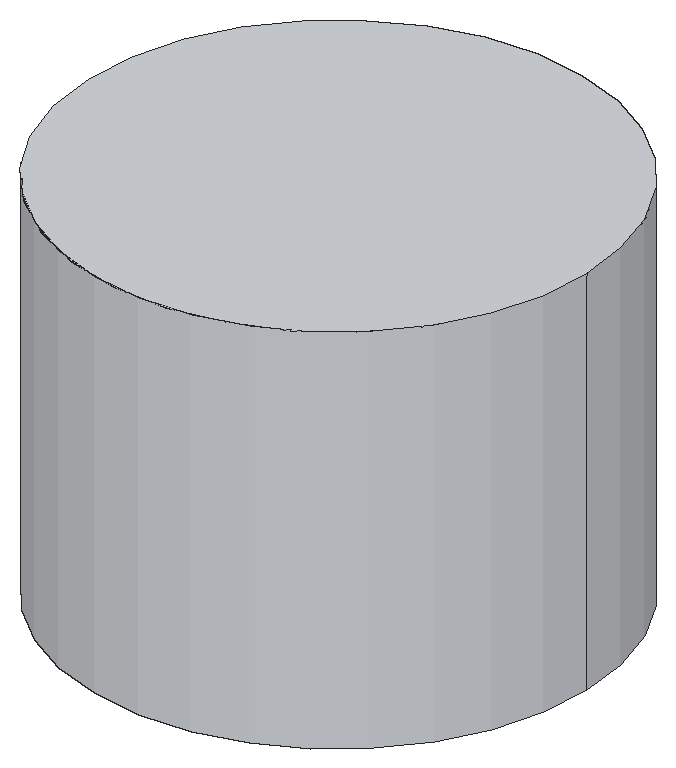
Revit family "Revit.DAL.Bar", category Обобщенные модели, Revit 2019
Family settings
  Может служить основой для арматурных стержней = Нет
  Размер круглого соединителя = Использовать диаметр
  Тип детали = Нормальный
  На основе рабочей плоскости = Нет
  Всегда вертикально = Да
  При загрузке вырезать с полостями = Нет
  Общий = Нет
  Точка расчета площади = Нет
Reference planes
  plane 1 "По центру (Вперед/Назад)": y = 0
  plane 2: z = 0
  plane 3 "По центру (Влево/Вправо)": x = 0
Forms (mm)
  Extrusion 1, solid
    sketch origin (0, 0, 0) x (1, 0, 0) y (0, 1, 0)
      loop
        circle (0, 0) r 100
    from 0 to 150
Lines and regions (mm)
  model lines
    curve 1: line (0, 0, 0) -> (100, 0, 0)
Dimensions and locks
  aligned and locked: level to plane 2
